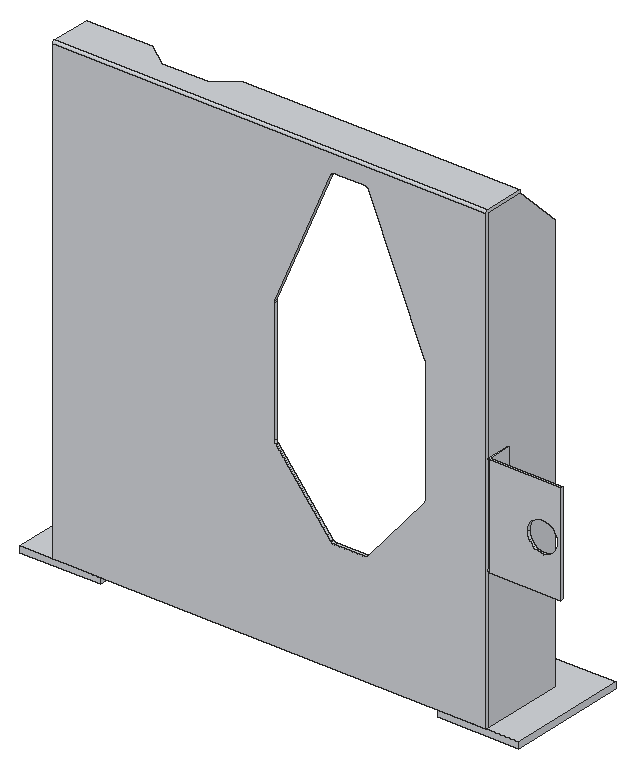
Revit family "Rebase 20.008", category Mechanical Equipment, Revit 2014
Parameters
  Vänster [instance] = yes
  Väggskivetjocklek [instance] = 26 mm
  Vikt = 0 mm
  URL = ""
  Type Comments = ""
  Model = "20.008"
  Minsta fria innermått [instance] = 145 mm  # constant formula
  Manufacturer = "Rebase AB"
  Höger [instance] = not(Vänster)  # no
  Description = "WC-fixtur för genomloppsstam"
Reference planes
  plane 1 "Center (Front/Back)": y = 0
  plane 2: z = 0
  plane 3 "Center (Left/Right)": x = 0
  plane 4: y = 26
  plane 5: y = 26
Dimensions and locks
  "Väggskivetjocklek": plane 1 "Center (Front/Back)" to plane 5
  "Väggskivetjocklek": plane 4 to plane 1 "Center (Front/Back)"
  aligned and locked: level to plane 2
  aligned and locked: plane 4 to nested 1
  aligned and locked: plane 5 to nested 2
Nested families
  nested 1: "20_008" at (0, 26, 0), visible <- "Vänster", type "20_008"
  nested 2: "20_008" at (0, 26, 0) x (-1, 0, 0) z (0, 0, 1), visible <- "Höger", type "20_008"
Definition of nested family "20_008"
  Reference planes
    plane 1 "Center (Front/Back)": y = 0
    plane 2: z = 0
    plane 3 "Center (Left/Right)": x = 0
    plane 4: x = 0
  Forms (mm)
    Extrusion 1, solid
      sketch origin (0, 0, 0) x (1, 0, 0) y (0, 0, 1)
        loop
          line (-327.5, 6) -> (-327.5, 0) -> (-247.5, 0) -> (-247.5, 6) -> (-327.5, 6)
      from 0 to -120
    Extrusion 2, solid
      sketch origin (418, 0, 0) x (1, 0, 0) y (0, 0, 1)
        loop
          line (-330.5, 6) -> (-330.5, 0) -> (-250.5, 0) -> (-250.5, 6) -> (-330.5, 6)
      from 0 to -120
    Extrusion 3, solid
      sketch origin (0, 0, 0) x (0, 1, 0) y (0, 0, 1)
        loop
          line (42, 466) -> (2.5, 466)
          arc (2.5, 466) -> (0.732, 465.268) -> (0, 463.5) r 2.5
          line (0, 463.5) -> (0, 6) -> (2.5, 6) -> (2.5, 463.5) -> (42, 463.5) -> (42, 466)
      from 135 to -295
    Extrusion 4, solid
      sketch origin (0, 0, 0) x (0, 1, 0) y (0, 0, 1)
        loop
          line (2.5, 463.5) -> (2.5, 6) -> (85, 6) -> (85, 420.5) -> (42, 463.5) -> (2.5, 463.5)
      from 135 to 132.5
    Extrusion 5, solid
      sketch origin (0, 0, 0) x (0, 1, 0) y (0, 0, 1)
        loop
          line (2.5, 463.5) -> (2.5, 6) -> (85, 6) -> (85, 420.5) -> (42, 463.5) -> (2.5, 463.5)
      from -292.5 to -295
    Extrusion 6, solid
      sketch origin (0, 0, 0) x (1, 0, 0) y (0, 1, 0)
        loop
          arc (135, 4) -> (136.172, 1.172) -> (139, 0) r 4
          line (139, 0) -> (209, 0) -> (209, 2.5) -> (139, 2.5)
          arc (139, 2.5) -> (137.939, 2.939) -> (137.5, 4) r 1.5
          line (137.5, 4) -> (137.5, 25) -> (135, 25) -> (135, 4)
      from 146 to 246
    Extrusion 7, void
      sketch origin (0, 0, 0) x (1, 0, 0) y (0, 1, 0)
        loop
          line (-230.006, 42) -> (-207.037, 25) -> (-162, 25) -> (-140.025, 42) -> (-230.006, 42)
      from 463.5 to 466
    Extrusion 8, void
      sketch origin (0, 0, 0) x (1, 0, 0) y (0, 0, 1)
        loop
          arc (-14.195, 447) -> (-16.952, 446.171) -> (-18.795, 443.959) r 5
          line (-18.795, 443.959) -> (-74.6, 312.939)
          arc (-74.6, 312.939) -> (-74.899, 311.979) -> (-75, 310.98) r 5
          line (-75, 310.98) -> (-75, 188.79)
          arc (-75, 188.79) -> (-74.707, 187.105) -> (-73.864, 185.617) r 5
          line (-73.864, 185.617) -> (-19, 118.826)
          arc (-19, 118.826) -> (-17.273, 117.48) -> (-15.137, 117) r 5
          line (-15.137, 117) -> (15.137, 117)
          arc (15.137, 117) -> (17.273, 117.48) -> (19, 118.826) r 5
          line (19, 118.826) -> (73.864, 185.617)
          arc (73.864, 185.617) -> (74.707, 187.105) -> (75, 188.79) r 5
          line (75, 188.79) -> (75, 310.98)
          arc (75, 310.98) -> (74.899, 311.979) -> (74.6, 312.939) r 5
          line (74.6, 312.939) -> (18.795, 443.959)
          arc (18.795, 443.959) -> (16.952, 446.171) -> (14.195, 447) r 5
          line (14.195, 447) -> (-14.195, 447)
      from 0 to -2.5
    Extrusion 9, void
      sketch origin (0, 0, 0) x (1, 0, 0) y (0, 0, 1)
        loop
          circle (191, 196) r 15
      from 0 to -2.5
  Cuts and joins
    Extrusion 7, Extrusion 8 cuts Extrusion 3
    Extrusion 9 cuts Extrusion 6
  Dimensions and locks
    aligned and locked: level to plane 2
